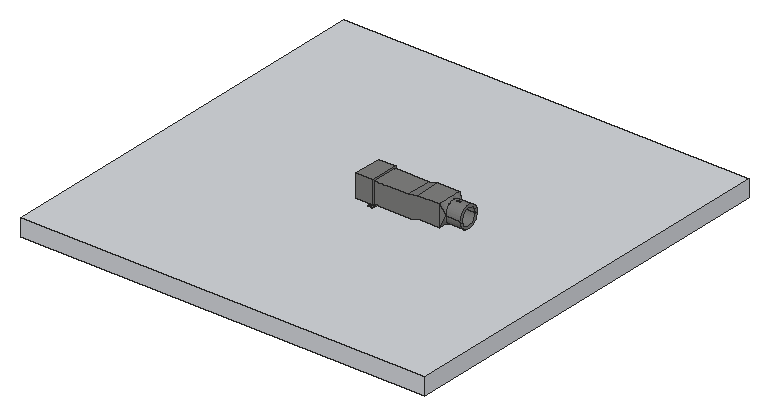
Revit family
Parameters
  URL = "WWW.MIFAB.COM"
  Roof Drain = Roof Drain
  R1 = Pipe Radius / 1.17  # 1.7094"
  Pipe Radius = 2.000"
  Pipe Diameter = Pipe Radius * 2  # 4.000"
  Model = "R1520"
  Manufacturer = "MIFAB"
  Description = "5” x 4” RECTANGULAR DOWNSPOUT BOOT"
  Default Elevation = 48.000"
Reference planes (in)
  plane 1 "Center (Front/Back)": y = 0
  plane 2: z = 0
  plane 3 "Center (Left/Right)": x = 0
  plane 4: z = -4.00327
  plane 5: x = -4
  plane 6: x = 20
  plane 7: z = 2.6
  plane 8: z = 3.1155
  plane 9: x = 6
  plane 10: y = 3.75
  plane 11: y = -3.75
  plane 12: y = -4.25
  plane 13: y = 4.25
  plane 14: x = -0.625
  plane 15: x = 0.625
  plane 16: z = 4.8
  plane 17: z = 0.4
  plane 18: x = 16.5
  plane 19: z = 0.106
  plane 20: z = 5.606
  plane 21: y = 2.6
  plane 22: y = -2.6
Forms (in)
  Extrusion 1, solid
    sketch origin (0, 0, 0) x (1, 0, 0) y (0, 1, 0)
      loop
        line (-48, 48) -> (-48, -48) -> (48, -48) -> (48, 48) -> (-48, 48)
    from 0 to -4
  Sweep 2, solid, material "Roof Drain" <- "Roof Drain"
    path origin (0, 0, 0) x (1, 0, 0) y (0, 0, 1)
      loop
        line (-4, 2.6) -> (8.36649, 2.6) -> (10.67629, 3.1155) -> (15.55129, 3.1155)
    profile origin (2.18325, 0, 2.6) x (0, 0, 1) y (0, -1, 0)
      loop
        line (2.2, -2.6) -> (2.2, 2.6) -> (-2.2, 2.6) -> (-2.2, -2.6) -> (2.2, -2.6)
      loop
        line (-2.494, -2.994) -> (2.494, -2.994) -> (2.494, 2.994) -> (-2.494, 2.994) -> (-2.494, -2.994)
  Extrusion 3, solid, material "Roof Drain" <- "Roof Drain"
    sketch origin (0, 0, 0) x (1, 0, 0) y (0, 1, 0)
      loop
        line (-0.625, 4.25) -> (-0.625, 3.00871) -> (-0.46008, 3.00871) -> (-0.46008, -3.00871) -> (-0.625, -3.00871) -> (-0.625, -4.25) -> (0.625, -4.25) -> (0.625, -3.00871) -> (0.46008, -3.00871) -> (0.46008, 3.00871) -> (0.625, 3.00871) -> (0.625, 4.25) -> (-0.625, 4.25)
      loop
        circle (0, 3.75) r 0.3125
      loop
        circle (0, -3.75) r 0.3125
    from 0 to 0.106
  Extrusion 4, solid, material "Roof Drain" <- "Roof Drain"
    sketch origin (0, 0, 0) x (0, 1, 0) y (0, 0, 1)
      loop
        circle (0, 3.1155) r 2
      loop
        circle (0, 3.1155) r 2.494
    from 20 to 16.5
  Blend 5, solid, material "Roof Drain" <- "Roof Drain"
    base sketch origin (0, 0, 0) x (0, 1, 0) y (0, 0, 1)
      loop
        circle (0, 3.1155) r 2.494
    top sketch origin (0, 0, 0) x (0, 1, 0) y (0, 0, 1)
      loop
        line (2.994, 5.6095) -> (-2.994, 5.6095) -> (-2.994, 0.6215) -> (2.994, 0.6215) -> (2.994, 5.6095)
    from 16.5 to 15.55129
  Sweep 6, solid, material "Roof Drain" <- "Roof Drain"
    path origin (0, 0, 0) x (0, 1, 0) y (0, 0, 1)
      loop
        line (2.994, 0.106) -> (2.994, 5.094) -> (-2.994, 5.094) -> (-2.994, 0.106)
    profile origin (0, 2.994, 2.6) x (0, -1, 0) y (1, 0, 0)
      loop
        line (0, -4) -> (0, 0) -> (-0.3185, 0) -> (-0.3185, -4) -> (0, -4)
Cuts and joins
  joined: Sweep 2, Extrusion 4, Blend 5, Sweep 6
Dimensions and locks (in)
  plane 3 "Center (Left/Right)" to plane 5 = 4.000"
  plane 6 to plane 5 = 24.000"
  plane 9 to plane 5 = 10.000"
  equal spacing: plane 10, plane 1 "Center (Front/Back)", plane 11
  plane 10 to plane 11 = 7.500"
  locked: plane 13 to plane 10 at 0.5
  locked: plane 11 to plane 12 at 0.5
  equal spacing: plane 14, plane 3 "Center (Left/Right)", plane 15
  plane 14 to plane 15 = 1.250"
  plane 17 to plane 16 = 4.400"
  plane 20 to plane 19 = 5.500"
  locked: plane 6 to plane 18 at 3.5
  equal spacing: plane 17, plane 7, plane 16
  equal spacing: plane 21, plane 1 "Center (Front/Back)", plane 22
  plane 21 to plane 22 = 5.200"
  locked: plane 16 to Sweep 2 sketch curve at 0.294
  locked: Sweep 2 sketch curve to plane 17 at 0.294
  locked: plane 22 to Sweep 2 sketch curve at 0.394
  locked: Sweep 2 sketch curve to plane 21 at 0.394
  aligned and locked: plane 2 to Extrusion 1
  aligned and locked: level to Extrusion 1
  aligned and locked: Sweep 2 sketch curve to plane 8
  aligned and locked: Sweep 2 sketch curve to plane 7
  aligned and locked: plane 13 to Extrusion 3 sketch curve
  aligned and locked: plane 15 to Extrusion 3 sketch curve
  aligned and locked: Extrusion 3 sketch curve to plane 15
  aligned and locked: Extrusion 3 sketch curve to plane 14
  aligned and locked: plane 14 to Extrusion 3 sketch curve
  aligned and locked: Extrusion 3 sketch curve to plane 12
  aligned and locked: plane 10 to Extrusion 3 sketch curve
  aligned and locked: plane 3 "Center (Left/Right)" to Extrusion 3 sketch curve  (x2)
  aligned and locked: plane 11 to Extrusion 3 sketch curve
  aligned and locked: Sweep 2 sketch curve to plane 17
  aligned and locked: plane 16 to Sweep 2 sketch curve
  aligned: Sweep 2 to Extrusion 3
  aligned and locked: Extrusion 3 to Sweep 2
  aligned: Sweep 2 to Extrusion 4
  aligned and locked: plane 6 to Extrusion 4
  aligned and locked: Blend 5 sketch curve to Sweep 2  (x3)
  aligned and locked: Sweep 2 to Blend 5 sketch curve
  aligned and locked: Blend 5 to Sweep 2
  aligned and locked: plane 18 to Blend 5
  aligned and locked: Extrusion 4 to plane 18
  aligned and locked: Sweep 6 sketch curve to cut or joined group of Sweep 2, Extrusion 4, Blend 5, Sweep 6  (x3)
  aligned and locked: Sweep 2 sketch curve to plane 21
  aligned and locked: Sweep 2 sketch curve to plane 22
Automatic sketch dimensions
  Extrusion 1 sketch curve to Extrusion 1 sketch curve = 96.000"  (x2)
  Extrusion 3 sketch curve to Extrusion 3 sketch curve = 0.16492"
  plane 15 to Extrusion 3 sketch curve = 0.16492"
  plane 11 to Extrusion 3 sketch curve = 0.74129"
  Extrusion 3 sketch curve to Extrusion 3 sketch curve = 0.000"
  plane 10 to Extrusion 3 sketch curve = 0.74129"  (x2)
  Sweep 2 sketch curve to plane 5 = 0.000"
  plane 9 to Sweep 2 sketch curve = 2.36649"
  Sweep 2 sketch curve to Sweep 2 sketch curve = 2.3098"
  Sweep 2 sketch curve to plane 6 = 4.44871"
  Extrusion 4 sketch curve to Extrusion 4 sketch curve = 0.000"  (x2)
  Extrusion 4 sketch curve to plane 1 "Center (Front/Back)" = 0.000"
  Extrusion 4 sketch curve to plane 8 = 0.000"
  Blend 5 sketch curve to plane 1 "Center (Front/Back)" = 0.000"
  Blend 5 sketch curve to plane 8 = 0.000"
  Sweep 6 sketch curve to plane 19 = 0.000"  (x2)
  Sweep 6 sketch curve to plane 3 "Center (Left/Right)" = 0.000"
  Sweep 6 sketch curve to profile plane = 0.000"
  profile plane to Sweep 6 sketch curve = 0.3185"
  Sweep 6 sketch curve to plane 3 "Center (Left/Right)" = 4.000"
  radius of Extrusion 3 sketch curve = 0.3125"  (x2)
  radius of Extrusion 4 sketch curve = 2.000"
  radius of Extrusion 4 sketch curve = 2.494"
  radius of Blend 5 sketch curve = 2.494"
Connectors (in)
  piping at (20, 0, 3.1155), driven by "Pipe Radius"
    settings: on cut or joined group of Sweep 2, Extrusion 4, Blend 5, Sweep 6, index 1, connector radius 2", flow factor 0, pipe flow 0 GPM, pressure drop 0.00 psi, fitting loss kfactor 0, connector angle 0.00°, fixture units 0, flow configuration 0, flow direction 0, fitting loss method 0, system type 16, connector reference index -1, connector utility 0, adjustable connector no, is connector primary yes, fitting loss table "", connector description ""
